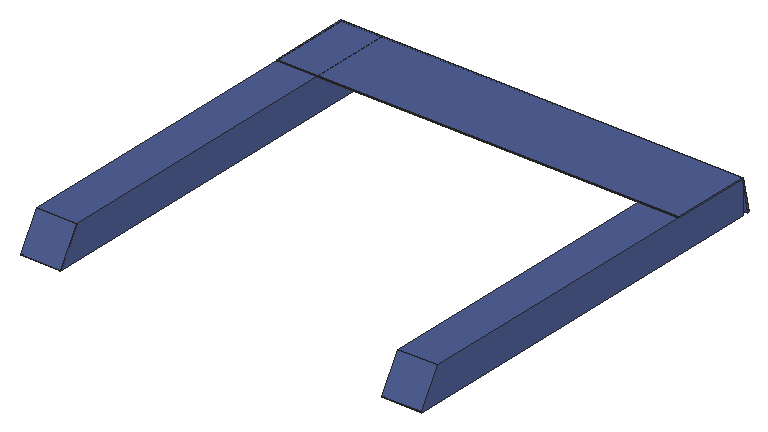
Revit family "SC332", category Generic Models, Revit 2023
Family settings
  Can host rebar = No
  Round Connector Dimension = Use Diameter
  Part Type = Normal
  OmniClass Number = 23.50.70.11
  OmniClass Title = Dock Bumpers/Seals
  Work Plane-Based = Yes
  Always vertical = No
  Cut with Voids When Loaded = No
  Maintain Annotation Orientation = No
  Shared = No
  Room Calculation Point = No
Parameters
  offset [instance] = 0' - 10 3/4"
  Warranty Duration (Years) = 0
  Vertical Strip [instance] = no
  Unit Width [instance] = Clear Width + (Pad Face Width_Vertical * 2)  # 10' - 0"
  Unit Height [instance] = Clear Height + Drop  # 10' - 0"
  Unit Depth_Base [instance] = 0' - 10"
  Unit Depth = 0' - 10"
  URL = ""
  Taper Distance_Plan [instance] = 0' - 0"
  Strip Length [instance] = if(Full Height Strip, Clear Height - 0' 6", 2' 0")  # 2' - 0"
  Specification = ""
  SpecWizard = ""
  Send Message = ""
  Sales Information = "http://www.OVERHEADDOOR.COM"
  Revision = "R1_07-2011"
  Protective Flap Type [instance] = Seal Flaps : None
  Product Properties = ""
  Product Data = "http://www.OVERHEADDOOR.COM"
  Pad Face Width_Vertical = 1' - 0"
  Flap Length [instance] = Clear Height - 0' 6"  # 7' - 6"
  Drop = 2' - 0"
  Model = ""
  Material = Plastic - Vinyl - Blue
  Manufacturer Website = "http://www.OVERHEADDOOR.COM"
  Manufacturer Phone - Toll Free = "1-800-929-3667"
  Manufacturer Phone = ""
  Manufacturer Fax = ""
  Manufacturer Address = ""
  Manufacturer = ""
  Maintenance Schedule (Months) = 0
  Keynote = ""
  Installation-Fabrication = ""
  Installation Phase = ""
  Green Building-LEED = ""
  Galvanized Steel Canopy [instance] = no
  Full Height Strip [instance] = no
  Foam Pad Insert = no
  Expected Lifespan (Years) = 0
  Drawn By = ""
  Description = ""
  Default Elevation = 4' - 0"
  Copyright = ""
  Construction Details = "http://www.OVERHEADDOOR.COM"
  Clear Width [instance] = 8' - 0"
  Clear Height [instance] = 8' - 0"
  Assembly Code = ""
Reference planes (in)
  plane 1 "Center (Front/Back)": y = 0
  plane 2 "Bottom": z = 0
  plane 3 "Center (Left/Right)": x = 0
  plane 4 "Front": y = -60
  plane 5 "Back": y = 60
  plane 6 "Left": x = -60
  plane 7 "Right": x = 60
  plane 8 "Top": z = 10
  plane 9: x = -48
  plane 10: x = 48
  plane 11: y = 36
  plane 12: x = 48
  plane 13: x = -48
  plane 14: z = 10
  plane 15: y = -54
  plane 16: x = -54
  plane 17: x = 54
  plane 18: y = -9
Forms (in)
  Blend 1, solid, material "Plastic - Vinyl - Blue" <- "Material"
    base sketch origin (0, -54, 22.94543) x (0, 0, 1) y (-1, 0, 0)
      loop
        line (-22.94543, 48) -> (-12.94543, 48) -> (-12.94543, 60) -> (-22.94543, 60) -> (-22.94543, 48)
    top sketch origin (0, -54, 22.94543) x (0, 0, 1) y (-1, 0, 0)
      loop
        line (-22.94543, 48) -> (-12.94543, 48) -> (-12.94543, 60) -> (-22.94543, 60) -> (-22.94543, 48)
    from 0 to -114
  Blend 2, solid, material "Plastic - Vinyl - Blue" <- "Material"
    base sketch origin (0, -54, 22.94543) x (0, 0, 1) y (-1, 0, 0)
      loop
        line (-22.94543, -60) -> (-12.94543, -60) -> (-12.94543, -48) -> (-22.94543, -48) -> (-22.94543, -60)
    top sketch origin (0, -54, 22.94543) x (0, 0, 1) y (-1, 0, 0)
      loop
        line (-22.94543, -60) -> (-12.94543, -60) -> (-12.94543, -48) -> (-22.94543, -48) -> (-22.94543, -60)
    from 0 to -114
  Blend 3, solid, material "Plastic - Vinyl - Blue" <- "Material"
    base sketch origin (0, -54, 22.94543) x (0, 0, 1) y (-1, 0, 0)
      loop
        line (-22.94543, 60) -> (-22.94543, 48) -> (-12.94543, 48) -> (-12.94543, 60) -> (-22.94543, 60)
    top sketch origin (0, -54, 22.94543) x (0, 0, 1) y (-1, 0, 0)
      loop
        line (-22.94543, 60) -> (-22.94543, 48) -> (-22.88293, 48) -> (-22.88293, 60) -> (-22.94543, 60)
    from 0 to 6
  Blend 4, solid, material "Plastic - Vinyl - Blue" <- "Material"
    base sketch origin (0, -54, 22.94543) x (0, 0, 1) y (-1, 0, 0)
      loop
        line (-22.94543, -60) -> (-12.94543, -60) -> (-12.94543, -48) -> (-22.94543, -48) -> (-22.94543, -60)
    top sketch origin (0, -54, 22.94543) x (0, 0, 1) y (-1, 0, 0)
      loop
        line (-22.94543, -60) -> (-22.88293, -60) -> (-22.88293, -48) -> (-22.94543, -48) -> (-22.94543, -60)
    from 0 to 6
  Sweep 5, solid, material "Plastic - Vinyl - Super Seal - Yellow", visible <- "Vertical Strip"
    path origin (-54, 53.619, 48) x (0, 1, 0) y (0, 0, 1)
      loop
        line (-83.619, -38) -> (-107.619, -38)
    profile origin (-54, -42, 10) x (0, 0, -1) y (1, 0, 0)
      loop
        line (0, -2) -> (0, 2) -> (-0.0625, 2) -> (-0.0625, -2) -> (0, -2)
  Sweep 6, solid, material "Plastic - Vinyl - Super Seal - Yellow", visible <- "Vertical Strip"
    path origin (54, 53.619, 48) x (0, 1, 0) y (0, 0, 1)
      loop
        line (-83.619, -38) -> (-107.619, -38)
    profile origin (54, -42, 10) x (0, 0, -1) y (1, 0, 0)
      loop
        line (0, -2) -> (0, 2) -> (-0.06267, 2) -> (-0.06267, -2) -> (0, -2)
  Extrusion 7, solid, material "Metal - Steel - Super Seal - Galvanized", visible <- "Galvanized Steel Canopy"
    sketch origin (-60, 16.34522, 48) x (0, 1, 0) y (0, 0, 1)
      loop
        line (43.65478, -38) -> (43.65478, -48) -> (45.91525, -48) -> (43.86525, -37.75) -> (42.65478, -37.75) -> (42.65478, -38) -> (43.65478, -38)
    from 0 to 120
  Extrusion 8, solid, material "Plastic - Vinyl - Blue" <- "Material"
    sketch origin (-60, 16.34522, 48) x (0, 1, 0) y (0, 0, 1)
      loop
        line (43.76277, -37.86384) -> (19.65478, -37.86384) -> (19.65478, -48) -> (45.78777, -48) -> (43.76277, -37.86384)
    from 0 to -0.125
  Sweep 9, solid, material "Plastic - Vinyl - Blue" <- "Material"
    path in 3D
      loop
        line (-60.125, 36, 10.13616) -> (-60.125, 60.10799, 10.13616) -> (-60.125, 62.13299, 0)
    profile origin (-60.125, 48.05399, 10.13616) x (0, 0, -1) y (-1, 0, 0)
      loop
        line (0, 0) -> (0, -120.125) -> (0.125, -120.125) -> (0.125, 0) -> (0, 0)
Cuts and joins
  joined: Blend 2, Blend 4
  joined: Blend 1, Blend 3
  joined: Extrusion 8, Sweep 9
Lines and regions (in)
  reference lines
    curve 1: line (-54, 60, 10) -> (-54, -54, 10)
    curve 4: line (-54, 36, 10) -> (-70.25, 36, 10)
  sketch lines
    curve 2: line (-60.125, 36, 10.13616) -> (-60.125, 60.10799, 10.13616)
    curve 3: line (-60.125, 60.10799, 10.13616) -> (-60.125, 62.13299, 0)
Dimensions and locks (in)
  equal spacing: plane 6 "Left", plane 3 "Center (Left/Right)", plane 7 "Right"
  "Unit Width": plane 6 "Left" to plane 7 "Right"
  equal spacing: plane 5 "Back", plane 1 "Center (Front/Back)", plane 4 "Front"
  "Unit Height": plane 5 "Back" to plane 4 "Front"
  "Unit Depth": plane 8 "Top" to level
  equal spacing: plane 9, plane 3 "Center (Left/Right)", plane 10
  "Clear Width": plane 9 to plane 10
  "Clear Height": plane 11 to plane 4 "Front"
  "Taper Distance_Plan": plane 9 to plane 13
  "Taper Distance_Plan": plane 12 to plane 10
  "Unit Depth_Base": plane 14 to level
  locked: plane 4 "Front" to plane 15 at 6
  equal spacing: plane 10, plane 17, plane 7 "Right"
  equal spacing: plane 6 "Left", plane 16, plane 9
  "Strip Length": Sweep 5 sketch curve to Sweep 5 sketch curve
  equal spacing: plane 11, plane 18, plane 15
  "Strip Length": Sweep 6 sketch curve to Sweep 6 sketch curve
  locked: curve 1 to Extrusion 8 sketch curve at 0.13616
  "Drop": curve 1 to curve 4
  curve 1 to Sweep 5 sketch curve = 0' - 0"
  locked: curve 1 to Sweep 6 sketch curve
  aligned and locked: Blend 3 to plane 4 "Front"
  aligned and locked: Blend 4 to plane 4 "Front"
  aligned and locked: curve 1 to Sweep 5 sketch curve
  aligned and locked: curve 1 to Sweep 6 sketch curve
  aligned and locked: plane 17 to nested 2
  aligned and locked: plane 16 to nested 1
  aligned and locked: plane 5 "Back" to Blend 1
  aligned and locked: plane 5 "Back" to Blend 2
  aligned and locked: plane 7 "Right" to Extrusion 7
  aligned and locked: Sweep 9 sketch curve to plane 7 "Right"
Automatic sketch dimensions
  Blend 1 sketch curve to level = 0' - 0"  (x2)
  Blend 1 sketch curve to plane 6 "Left" = 0' - 0"  (x2)
  Blend 1 sketch curve to plane 14 = 0' - 0"
  Blend 1 sketch curve to plane 9 = 0' - 0"  (x2)
  Blend 1 sketch curve to plane 13 = 0' - 0"  (x2)
  Blend 1 sketch curve to plane 8 "Top" = 0' - 0"
  Blend 2 sketch curve to level = 0' - 0"  (x2)
  Blend 2 sketch curve to plane 10 = 0' - 0"  (x2)
  Blend 2 sketch curve to plane 14 = 0' - 0"
  Blend 2 sketch curve to plane 7 "Right" = 0' - 0"  (x2)
  Blend 2 sketch curve to plane 12 = 0' - 0"  (x2)
  Blend 2 sketch curve to plane 8 "Top" = 0' - 0"
  Blend 3 sketch curve to level = 0' - 0"  (x2)
  Blend 3 sketch curve to plane 9 = 0' - 0"
  Blend 3 sketch curve to plane 14 = 0' - 0"
  Blend 3 sketch curve to plane 13 = 0' - 0"  (x2)
  Blend 3 sketch curve to plane 6 "Left" = 0' - 0"  (x2)
  Blend 3 sketch curve to Blend 3 sketch curve = 0' - 0 1/16"
  Blend 4 sketch curve to level = 0' - 0"  (x2)
  Blend 4 sketch curve to plane 10 = 0' - 0"
  Blend 4 sketch curve to plane 14 = 0' - 0"
  Blend 4 sketch curve to plane 7 "Right" = 0' - 0"  (x2)
  Blend 4 sketch curve to plane 12 = 0' - 0"  (x2)
  level to Blend 4 sketch curve = 0' - 0 1/16"
  Sweep 5 sketch curve to profile plane = 0' - 0"
  Sweep 5 sketch curve to Sweep 5 sketch curve = 0' - 0 1/16"
  Sweep 5 sketch curve to plane 16 = 0' - 2"
  plane 16 to Sweep 5 sketch curve = 0' - 2"
  Sweep 6 sketch curve to profile plane = 0' - 0"
  Sweep 6 sketch curve to Sweep 6 sketch curve = 0' - 0.06267"
  Sweep 6 sketch curve to plane 17 = 0' - 2"
  plane 17 to Sweep 6 sketch curve = 0' - 2"
  curve 1 to plane 14 = 0' - 0"
  curve 1 to plane 15 = 0' - 0"
  curve 1 to plane 5 "Back" = 0' - 0"
  curve 1 to plane 8 "Top" = 0' - 0"
  Extrusion 8 sketch curve to level = 0' - 0"
  Extrusion 8 sketch curve to plane 11 = 0' - 0"
  plane 5 "Back" to Extrusion 8 sketch curve = 0' - 0.10799"
  plane 5 "Back" to Extrusion 8 sketch curve = 0' - 2.13299"
  Sweep 9 sketch curve to profile plane = 0' - 0"  (x2)
  Sweep 9 sketch curve to Sweep 9 sketch curve = 0' - 0 1/8"
  Extrusion 7 sketch curve to plane 8 "Top" = 0' - 0"
  Extrusion 7 sketch curve to level = 0' - 0"
  Extrusion 7 sketch curve to plane 5 "Back" = 0' - 0"
  plane 8 "Top" to Extrusion 7 sketch curve = 0' - 0 1/4"
  Extrusion 7 sketch curve to plane 5 "Back" = 0' - 1"
  plane 5 "Back" to Extrusion 7 sketch curve = 0' - 0.21047"
  plane 5 "Back" to Extrusion 7 sketch curve = 0' - 2.26047"
  curve 4 to curve 1 = 0' - 0"
  curve 4 to curve 1 = 1' - 4 1/4"
Nested families (in)
  nested 1: "Seal Flaps" at (-54, -9, 10), Material <- "Material", Unit Width <- "Pad Face Width_Vertical", Unit Height <- "Flap Length", type <- "Protective Flap Type", Striped <- "Vertical Strip", type "None"
    with offset 0' - 0", Unit Width 1' - 0", Unit Height 7' - 6", Striped no, Stripe Material Plastic - Vinyl - Super Seal - Yellow, Material Plastic - Vinyl - Blue, Flaps 6
  nested 2: "Seal Flaps" at (54, -9, 10), Material <- "Material", Unit Width <- "Pad Face Width_Vertical", Unit Height <- "Flap Length", type <- "Protective Flap Type", Striped <- "Vertical Strip", type "None"
    with offset 0' - 0", Unit Width 1' - 0", Unit Height 7' - 6", Striped no, Stripe Material Plastic - Vinyl - Super Seal - Yellow, Material Plastic - Vinyl - Blue, Flaps 6
Definition of nested family "Seal Flaps"
  Parameters
    offset [instance] = 0' - 0"
    Warranty Duration (Years) = 0
    Unit Width [instance] = 1' - 0"
    Unit Height [instance] = 6' - 0"
    Unit Depth = 0' - 4"
    URL = "http://www.supersealmfg.com/"
    Striped [instance] = yes
    Stripe Material [instance] = none
    Specification = ""
    SpecWizard = ""
    Send Message = "http://www.arcat.com/users.pl?action=UserEmail&company=Super-Seal%20Mfg.%20Ltd&coid=44693&rep=119&fax=905-850-4440 &mf="
    Sales Information = "http://www.supersealmfg.com/ContactUs.htm"
    Revision = "R1_07-2011"
    Product Properties = ""
    Product Data = "http://arcat.com/arcatcos/cos44/arc44693.html?isac=1&r=1"
    Model = "As Specified"
    Material [instance] = none
    Manufacturer Website = "http://www.supersealmfg.com/"
    Manufacturer Phone - Toll Free = "800-337-3239 "
    Manufacturer Phone = "800-337-3239 "
    Manufacturer Fax = "905-850-4440 "
    Manufacturer Address = "670 Rowntree Dairy Rd. Woodbridge , ON, Canada L4L-5T8"
    Manufacturer = "Super-Seal Mfg. Ltd"
    Maintenance Schedule (Months) = 0
    Keynote = ""
    Installation-Fabrication = ""
    Installation Phase = ""
    Green Building-LEED = ""
    Flaps Visible = no
    Flaps [instance] = (Unit Height - 0' 1") / Exposure  # 4
    Exposure = 1' - 4"
    Expected Lifespan (Years) = 0
    Drawn By = "Sumex Design, Inc. / Robert S. Weygant, CSI, CDT, SCIP"
    Description = "Super Seal"
    Default Elevation = 4' - 0"
    Copyright = "©Arcat Inc."
    Construction Details = "http://arcat.com/details/supersea/supersea.html?coid=44693"
    Assembly Code = ""
  Reference planes (in)
    plane 1 "Center (Front/Back)": y = 0
    plane 2 "Bottom": z = 0
    plane 3 "Center (Left/Right)": x = 0
    plane 4 "Front": y = -36
    plane 5 "Back": y = 36
    plane 6 "Left": x = -6
    plane 7 "Right": x = 6
    plane 8 "Top": z = 4
  Dimensions and locks (in)
    equal spacing: plane 6 "Left", plane 3 "Center (Left/Right)", plane 7 "Right"
    "Unit Width": plane 6 "Left" to plane 7 "Right"
    equal spacing: plane 5 "Back", plane 1 "Center (Front/Back)", plane 4 "Front"
    "Unit Height": plane 5 "Back" to plane 4 "Front"
    "Unit Depth": plane 8 "Top" to level
    equal spacing: group 1, group 2, group 3, group 4  (x2)
    equal spacing: group 4, group 3, group 2, group 1
    "Exposure": plane 5 "Back" to nested 2
    aligned and locked: plane 5 "Back" to nested 1
    aligned and locked: plane 3 "Center (Left/Right)" to nested 1
    aligned and locked: plane 3 "Center (Left/Right)" to nested 2
  Nested families (in)
    nested 1: "Seal Flap" at (0, 27, 0), Unit Width <- "Unit Width", Unit Height <- "Exposure", Material <- "Material", visible <- "Flaps Visible", Stripe <- "Striped", Stripe Material <- "Stripe Material", type "Seal Flap"
      with offset 0' - 0", Unit Width 1' - 0", Unit Height 1' - 4", Unit Depth 0' - 0 1/4", Stripe Material none, Stripe yes, Material none
    nested 2: "Seal Flap" at (0, 11, 0), Unit Width <- "Unit Width", Unit Height <- "Exposure", Material <- "Material", visible <- "Flaps Visible", Stripe <- "Striped", Stripe Material <- "Stripe Material", type "Seal Flap"
      with offset 0' - 0", Unit Width 1' - 0", Unit Height 1' - 4", Unit Depth 0' - 0 1/4", Stripe Material none, Stripe yes, Material none
    nested 3: "Seal Flap" at (0, -5, 0), Unit Width <- "Unit Width", Unit Height <- "Exposure", Material <- "Material", visible <- "Flaps Visible", Stripe <- "Striped", Stripe Material <- "Stripe Material", type "Seal Flap"
      with offset 0' - 0", Unit Width 1' - 0", Unit Height 1' - 4", Unit Depth 0' - 0 1/4", Stripe Material none, Stripe yes, Material none
    nested 4: "Seal Flap" at (0, -21, 0), Unit Width <- "Unit Width", Unit Height <- "Exposure", Material <- "Material", visible <- "Flaps Visible", Stripe <- "Striped", Stripe Material <- "Stripe Material", type "Seal Flap"
      with offset 0' - 0", Unit Width 1' - 0", Unit Height 1' - 4", Unit Depth 0' - 0 1/4", Stripe Material none, Stripe yes, Material none
  Definition of nested family "Seal Flap"
    Parameters
      offset [instance] = 0' - 0"
      Warranty Duration (Years) = 0
      Unit Width [instance] = 1' - 0"
      Unit Height [instance] = 0' - 4"
      Unit Depth [instance] = 0' - 0 1/4"  # constant formula
      URL = "http://www.supersealmfg.com/"
      Stripe Material [instance] = none
      Stripe [instance] = yes
      Specification = ""
      SpecWizard = ""
      Send Message = "http://www.arcat.com/users.pl?action=UserEmail&company=Super-Seal%20Mfg.%20Ltd&coid=44693&rep=119&fax=905-850-4440 &mf="
      Sales Information = "http://www.supersealmfg.com/ContactUs.htm"
      Revision = "R1_07-2011"
      Product Properties = ""
      Product Data = "http://arcat.com/arcatcos/cos44/arc44693.html?isac=1&r=1"
      Model = "As Specified"
      Material [instance] = none
      Manufacturer Website = "http://www.supersealmfg.com/"
      Manufacturer Phone - Toll Free = "800-337-3239 "
      Manufacturer Phone = "800-337-3239 "
      Manufacturer Fax = "905-850-4440 "
      Manufacturer Address = "670 Rowntree Dairy Rd. Woodbridge , ON, Canada L4L-5T8"
      Manufacturer = "Super-Seal Mfg. Ltd"
      Maintenance Schedule (Months) = 0
      Keynote = ""
      Installation-Fabrication = ""
      Installation Phase = ""
      Green Building-LEED = ""
      Expected Lifespan (Years) = 0
      Drawn By = "Sumex Design, Inc. / Robert S. Weygant, CSI, CDT, SCIP"
      Description = "Super Seal"
      Default Elevation = 0' - 0"
      Copyright = "©Arcat Inc."
      Construction Details = "http://arcat.com/details/supersea/supersea.html?coid=44693"
      Assembly Code = ""
    Reference planes (in)
      plane 1 "Center (Front/Back)": y = 0
      plane 2 "Bottom": z = 0
      plane 3 "Center (Left/Right)": x = 0
      plane 4 "Front": y = -2
      plane 5 "Back": y = 2
      plane 6 "Left": x = -6
      plane 7 "Right": x = 6
      plane 8 "Top": z = 0.25
    Forms (in)
      Sweep 1, solid, material <- "Material"
        path origin (0, 0, 0) x (0, 1, 0) y (0, 0, 1)
          loop
            line (-2, 0.25) -> (2, 0) -> (3, 0)
        profile origin (0, 0, 0.125) x (0, 0.062378, 0.998053) y (1, 0, 0)
          loop
            line (0, -6) -> (0.125, -6) -> (0.125, 6) -> (0, 6) -> (0, -6)
      Sweep 2, solid, material <- "Stripe Material", visible <- "Stripe"
        path origin (0, 0, 0) x (0, 1, 0) y (0, 0, 1)
          loop
            line (-2, 0.25) -> (2, 0) -> (3, 0)
        profile origin (0, 0, 0.125) x (0, 0.062378, 0.998053) y (1, 0, 0)
          loop
            line (0.1875, -2) -> (0.1875, 2) -> (0.125, 2) -> (0.125, -2) -> (0.1875, -2)
    Dimensions and locks (in)
      equal spacing: plane 6 "Left", plane 3 "Center (Left/Right)", plane 7 "Right"
      "Unit Width": plane 6 "Left" to plane 7 "Right"
      equal spacing: plane 5 "Back", plane 1 "Center (Front/Back)", plane 4 "Front"
      "Unit Height": plane 5 "Back" to plane 4 "Front"
      "Unit Depth": plane 8 "Top" to level
      aligned and locked: plane 7 "Right" to Sweep 1 sketch curve
      aligned and locked: Sweep 1 sketch curve to plane 6 "Left"
    Automatic sketch dimensions
      Sweep 1 sketch curve to plane 4 "Front" = 0' - 0"
      Sweep 1 sketch curve to level = 0' - 0"
      Sweep 1 sketch curve to plane 5 "Back" = 0' - 0"
      Sweep 1 sketch curve to plane 8 "Top" = 0' - 0"
      plane 5 "Back" to Sweep 1 sketch curve = 0' - 1"
      Sweep 1 sketch curve to profile plane = 0' - 0"
      Sweep 1 sketch curve to profile plane = 0' - 0 1/8"
      Sweep 2 sketch curve to plane 4 "Front" = 0' - 0"
      Sweep 2 sketch curve to level = 0' - 0"
      Sweep 2 sketch curve to plane 5 "Back" = 0' - 0"
      Sweep 2 sketch curve to plane 8 "Top" = 0' - 0"
      Sweep 2 sketch curve to Sweep 2 sketch curve = 0' - 1"
      Sweep 2 sketch curve to profile plane = 0' - 0 1/8"
      Sweep 2 sketch curve to Sweep 2 sketch curve = 0' - 0 1/16"
      Sweep 2 sketch curve to plane 3 "Center (Left/Right)" = 0' - 2"
      plane 3 "Center (Left/Right)" to Sweep 2 sketch curve = 0' - 2"
